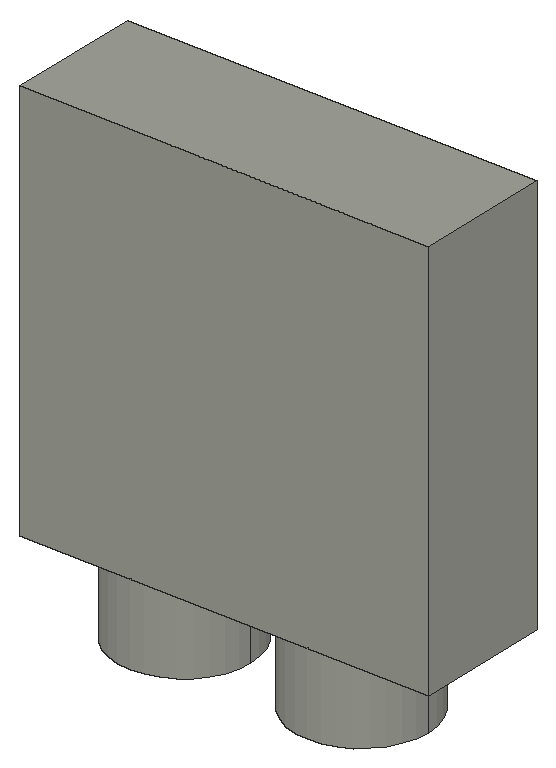
Revit family "Cinta_Concreto_Estaca", category Structural Foundations, Revit 2025
Family settings
  Material for Model Behavior = Concrete
  Cap = No
  OmniClass Number = 23.25.30.11.14.14
  OmniClass Title = Beams
  Always vertical = Yes
  Cut with Voids When Loaded = No
  Shared = No
  Show family pre-cut in plan views = Yes
Parameters (values of type "CIN_050x150_BLC_CON_RET_TAC")
  Structural Material [instance] = CT_Concreto
  Estaca_Profundidade [instance] = 304.636 mm
  Material_Estacas = CT_Concreto
  Material_Cintas = CT_Concreto
  Estaca_Diâmetro = b / 2  # 250 mm
  Estaca_D2 [instance] = 452.882 mm
  Estaca_D1 [instance] = 410.509 mm
  Assembly Code = ""
  Length [instance] = 1524 mm
  b = 500 mm
  h = 1500 mm
Reference planes
  plane 1 "Center (Front/Back)": y = 0
  plane 2: z = 0
  plane 3 "Center (Left/Right)": x = 4.61
  plane 4: y = 250
  plane 5: y = -250
  plane 6: z = 750
  plane 7 "Bottom": z = -750
  plane 8 "Left": x = -757.39
  plane 9 "Right": x = 766.61
  plane 10: x = -346.881
  plane 11: x = 313.728
Forms (mm)
  Extrusion 1, solid, material "CT_Concreto" <- "Material_Estacas"
    sketch origin (0, 0, 0) x (1, 0, 0) y (0, 1, 0)
      loop
        circle (-346.881, 0) r 250
    from -1054.636 to -750
  Extrusion 2, solid, material "CT_Concreto" <- "Material_Estacas"
    sketch origin (471.118, 0, 0) x (1, 0, 0) y (0, 1, 0)
      loop
        circle (-157.39, 0) r 250
    from -1054.636 to -750
  Extrusion 3, solid, material "CT_Concreto" <- "Material_Cintas"
    sketch origin (0, 0, 0) x (1, 0, 0) y (0, 1, 0)
      loop
        line (-757.39, 250) -> (-757.39, -250) -> (766.61, -250) -> (766.61, 250) -> (-757.39, 250)
    from -750 to 750
Dimensions and locks
  "b": plane 4 to plane 5
  equal spacing: plane 7 "Bottom", plane 2, plane 6
  equal spacing: plane 4, plane 1 "Center (Front/Back)", plane 5
  "h": plane 7 "Bottom" to plane 6
  "Length": plane 8 "Left" to plane 9 "Right"
  "Estaca_D1": plane 8 "Left" to plane 10
  "Estaca_D2": plane 11 to plane 9 "Right"
  "Estaca_Profundidade": plane 7 "Bottom" to Extrusion 2
  "Estaca_Profundidade": plane 7 "Bottom" to Extrusion 1
  "Estaca_Diâmetro": radius of Extrusion 1 sketch curve
  "Estaca_Diâmetro": radius of Extrusion 2 sketch curve
  aligned and locked: Extrusion 1 to plane 7 "Bottom"
  aligned and locked: Extrusion 2 to plane 7 "Bottom"
  aligned and locked: plane 4 to Extrusion 3
  aligned and locked: Extrusion 3 to plane 5
  aligned and locked: plane 8 "Left" to Extrusion 3
  aligned and locked: Extrusion 3 to plane 9 "Right"
  aligned and locked: Extrusion 3 to plane 6
  aligned and locked: plane 7 "Bottom" to Extrusion 3
Automatic sketch dimensions
  plane 1 "Center (Front/Back)" to Extrusion 1 sketch curve = 0 mm
  Extrusion 1 sketch curve to plane 10 = 0 mm
  plane 1 "Center (Front/Back)" to Extrusion 2 sketch curve = 0 mm
  Extrusion 2 sketch curve to plane 11 = 0 mm
  Extrusion 3 sketch curve to plane 8 "Left" = 0 mm
  plane 9 "Right" to Extrusion 3 sketch curve = 0 mm
  Extrusion 3 sketch curve to plane 5 = 0 mm
  plane 5 to Extrusion 3 sketch curve = 500 mm
